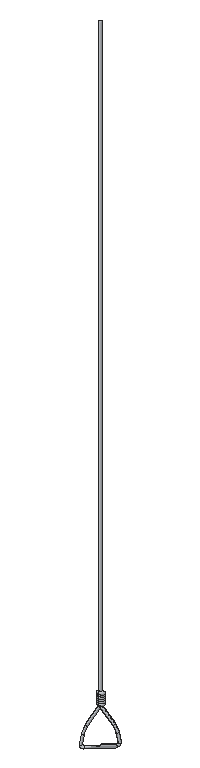
Revit family "Wire-HunterDouglas-Torsion_Spring", category Specialty Equipment, Revit 2013
Parameters (values of type "Parametric")
  Wire = Metal - Aluminum Frame - HunterDouglas - Painted White
  URL = "http://www.hunterdouglascontract.com/ceilings/index.jsp"
  Subcategory = "Metal – Plank and Tile"  # constant formula
  Product Line = "Torsion Spring"  # constant formula
  Perforations = "http://www.hunterdouglascontract.com/ceilings/metalsystems/plank/spring/index.jsp?t=perfPage"
  Model = "Wire"  # constant formula
  Manufacturer = "Hunter Douglas Luxalon Metal Ceilings"  # constant formula
  HangerWire Length = 2' - 0"
  Description = "Wire"  # constant formula
  Color Finishes = "http://www.hunterdouglascontract.com/ceilings/metalsystems/plank/spring/index.jsp?t=colorPage"
  Assembly Code = "C3030200"
  95 CSI = "09510"  # constant formula
  04 CSI = "09 51 00"  # constant formula
Reference planes (in)
  plane 1 "Center (Front/Back)": y = 0
  plane 2: z = 0
  plane 3 "Center (Left/Right)": x = 0
  plane 4: x = -0.77248
  plane 5: x = 0.77248
  plane 6: z = 2.4375
  plane 7: z = 2.5
  plane 8: z = 24
  plane 9: z = 24.21875
Dimensions and locks (in)
  equal spacing: plane 4, plane 3 "Center (Left/Right)", plane 5
  plane 4 to plane 5 = 0' - 1.54495"
  locked: plane 6 to plane 7 at 0.0625
  locked: plane 6 to level at 2.4375
  "HangerWire Length": plane 8 to level
  locked: plane 9 to plane 8 at 0.21875
  aligned and locked: level to plane 2
  aligned and locked: plane 1 "Center (Front/Back)" to nested 1
  aligned and locked: plane 3 "Center (Left/Right)" to nested 1
  aligned and locked: plane 6 to nested 1
Nested families (in)
  nested 1: "Wire" at (0, 0, 0), type "Parametric"
Definition of nested family "Wire"
  Parameters (values of type "Parametric")
    URL = "http://www.hunterdouglascontract.com/ceilings/index.jsp"
    Subcategory = "Metal – Linear"  # constant formula
    Product Line = "Torsion Spring"  # constant formula
    Model = "Wire"  # constant formula
    Material = Metal - Aluminum Frame - HunterDouglas - Painted White
    Manufacturer = "Hunter Douglas Luxalon Metal Ceilings"  # constant formula
    HangerWire Length = 2' - 0"
    Description = "Wire"  # constant formula
    Assembly Code = "C3030200"
    95 CSI = "09510"  # constant formula
    04 CSI = "09 51 00"  # constant formula
  Reference planes (in)
    plane 1 "Center (Front/Back)": y = 0
    plane 2: z = 0
    plane 3 "Center (Left/Right)": x = 0
    plane 4: x = -0.77248
    plane 5: x = 0.77248
    plane 6: z = 2.4375
    plane 7: z = 2.5
    plane 8: z = 24
    plane 9: z = 24.21875
  Forms (in)
    Sweep 1, solid, material "Metal - Aluminum Frame - HunterDouglas - Painted White" <- "Material", detail levels fine
      path origin (0, 0, 0) x (0.707107, 0.707107, 0) y (0, 0, 1)
        loop
          line (0.03125, 24.21875) -> (0.03125, 3.70793) -> (0.38236, 3.14135)
          arc (0.38236, 3.14135) -> (0.44435, 3.01623) -> (0.48166, 2.88166) r 0.73777
          line (0.48166, 2.88166) -> (0.5376, 2.56649)
          arc (0.5376, 2.56649) -> (0.51364, 2.47677) -> (0.42949, 2.4375) r 0.1098
          line (0.42949, 2.4375) -> (-0.42976, 2.4375)
          arc (-0.42976, 2.4375) -> (-0.51374, 2.47669) -> (-0.53765, 2.56622) r 0.10957
          line (-0.53765, 2.56622) -> (-0.48246, 2.87715)
          arc (-0.48246, 2.87715) -> (-0.44395, 3.01607) -> (-0.37995, 3.14524) r 0.76163
          line (-0.37995, 3.14524) -> (-0.0384, 3.69638)
      profile origin (-0.0001, -0.0001, 2.4375) x (0, 0, -1) y (0.707107, -0.707107, 0)
        loop
          circle (-0.03125, 0) r 0.03125
    Revolve 2, solid, material "Metal - Aluminum Frame - HunterDouglas - Painted White" <- "Material", detail levels fine
      sketch origin (0.00705, -1.10535, 0.17393) x (0, 0.947216, -0.320596) y (0, 0.320596, 0.947216)
        loop
          line (-0.19925, 4.08974) -> (-0.26999, 4.08974)
          arc (-0.26999, 4.08974) -> (-0.30124, 4.05849) -> (-0.26999, 4.02724) r 0.03125
          line (-0.26999, 4.02724) -> (-0.19925, 4.02724) -> (-0.19925, 4.08974)
        axis (-0.19925, 4.02724) -> (-0.19925, 4.08974)
      angle from 0 to 360
    Revolve 3, solid, material "Metal - Aluminum Frame - HunterDouglas - Painted White" <- "Material", detail levels fine
      sketch origin (0.00705, -1.10535, 0.04197) x (0, 0.947216, -0.320596) y (0, 0.320596, 0.947216)
        loop
          line (-0.19925, 4.08974) -> (-0.26999, 4.08974)
          arc (-0.26999, 4.08974) -> (-0.30124, 4.05849) -> (-0.26999, 4.02724) r 0.03125
          line (-0.26999, 4.02724) -> (-0.19925, 4.02724) -> (-0.19925, 4.08974)
        axis (-0.19925, 4.02724) -> (-0.19925, 4.08974)
      angle from 0 to 360
    Revolve 4, solid, material "Metal - Aluminum Frame - HunterDouglas - Painted White" <- "Material", detail levels fine
      sketch origin (0.00705, -1.10535, 0.10916) x (0, 0.947216, -0.320596) y (0, 0.320596, 0.947216)
        loop
          line (-0.19925, 4.08974) -> (-0.26999, 4.08974)
          arc (-0.26999, 4.08974) -> (-0.30124, 4.05849) -> (-0.26999, 4.02724) r 0.03125
          line (-0.26999, 4.02724) -> (-0.19925, 4.02724) -> (-0.19925, 4.08974)
        axis (-0.19925, 4.02724) -> (-0.19925, 4.08974)
      angle from 0 to 360
    Revolve 5, solid, material "Metal - Aluminum Frame - HunterDouglas - Painted White" <- "Material", detail levels fine
      sketch origin (0.00705, -1.10535, -0.02357) x (0, 0.947216, -0.320596) y (0, 0.320596, 0.947216)
        loop
          line (-0.19925, 4.08974) -> (-0.26999, 4.08974)
          arc (-0.26999, 4.08974) -> (-0.30124, 4.05849) -> (-0.26999, 4.02724) r 0.03125
          line (-0.26999, 4.02724) -> (-0.19925, 4.02724) -> (-0.19925, 4.08974)
        axis (-0.19925, 4.02724) -> (-0.19925, 4.08974)
      angle from 0 to 360
    Revolve 6, solid, material "Metal - Aluminum Frame - HunterDouglas - Painted White" <- "Material", detail levels fine
      sketch origin (0.00705, -1.10535, -0.08912) x (0, 0.947216, -0.320596) y (0, 0.320596, 0.947216)
        loop
          line (-0.19925, 4.08974) -> (-0.26999, 4.08974)
          arc (-0.26999, 4.08974) -> (-0.30124, 4.05849) -> (-0.26999, 4.02724) r 0.03125
          line (-0.26999, 4.02724) -> (-0.19925, 4.02724) -> (-0.19925, 4.08974)
        axis (-0.19925, 4.02724) -> (-0.19925, 4.08974)
      angle from 0 to 360
    Revolve 7, solid, material "Metal - Aluminum Frame - HunterDouglas - Painted White" <- "Material", detail levels fine
      sketch origin (0.00705, -1.10535, -0.15857) x (0, 0.947216, -0.320596) y (0, 0.320596, 0.947216)
        loop
          line (-0.19925, 4.08974) -> (-0.26999, 4.08974)
          arc (-0.26999, 4.08974) -> (-0.30124, 4.05849) -> (-0.26999, 4.02724) r 0.03125
          line (-0.26999, 4.02724) -> (-0.19925, 4.02724) -> (-0.19925, 4.08974)
        axis (-0.19925, 4.02724) -> (-0.19925, 4.08974)
      angle from 0 to 360
  Lines and regions (in)
    model lines, style "Wire", detail levels coarse+medium
      curve 1: line (0, 0, 24) -> (0, 0, 2.5)
    symbolic lines, style "Wire", detail levels fine
      curve 2: line (-0.38204, -0.33784, 0) -> (-0.08282, -0.03863, 0)
      curve 3: line (0.38204, 0.33784, 0) -> (0.09664, 0.05243, 0)
      curve 4: arc (0.33784, 0.38204, 0) -> (0.38204, 0.38204, 0) -> (0.38204, 0.33784, 0) r 0.03125
      curve 5: arc (-0.38204, -0.33784, 0) -> (-0.38204, -0.38204, 0) -> (-0.33784, -0.38204, 0) r 0.03125
      curve 6: circle (0.00691, 0.00691, 0) r 0.10062 normal (0, 0, 1)
      curve 7: circle (0, 0, 0) r 0.03125 normal (0, 0, 1)
      curve 8: line (0.05244, 0.09663, 0) -> (0.33784, 0.38204, 0)
      curve 9: line (-0.03862, -0.08282, 0) -> (-0.33784, -0.38204, 0)
      curve 14: line (-0.03122, 0, 24.21875) -> (0.03122, 0, 24.21875)
      curve 15: line (0.03122, 0, 24.21875) -> (0.03122, 0, 4.1081)
      curve 16: line (-0.02999, 0, 3.69117) -> (-0.27048, 0, 3.16052)
      curve 17: line (-0.39791, 0, 2.57083) -> (-0.33782, 0, 2.89346)
      curve 18: arc (-0.33782, 0, 2.89346) -> (-0.3161, 0, 3.03) -> (-0.27048, 0, 3.16052) r 0.77561
      curve 19: arc (-0.39791, 0, 2.57083) -> (-0.37867, 0, 2.48393) -> (-0.30275, 0, 2.4375) r 0.11373
      curve 20: line (0.08629, 0, 3.61911) -> (-0.02999, 0, 3.69117)
      curve 21: spline (-0.03122, 0, 3.69014) -> (-0.02944, 0, 3.69066) -> (-0.02594, 0, 3.69166) -> (-0.02092, 0, 3.6931) -> (-0.01467, 0, 3.69489) -> (-0.00756, 0, 3.69692) -> (0, 0, 3.69907) -> (0.00755, 0, 3.70122) -> (0.01466, 0, 3.70324) -> (0.02091, 0, 3.70501) -> (0.02594, 0, 3.70643) -> (0.02944, 0, 3.70742) -> (0.03122, 0, 3.70792)
      curve 22: line (0.00884, 0, 3.62544) -> (-0.21356, 0, 3.13472)
      curve 23: arc (-0.2757, 0, 2.88565) -> (-0.25593, 0, 3.013) -> (-0.21356, 0, 3.13472) r 0.71311
      curve 24: line (-0.33647, 0, 2.55939) -> (-0.2757, 0, 2.88565)
      curve 25: arc (-0.33647, 0, 2.55939) -> (-0.3278, 0, 2.52024) -> (-0.2936, 0, 2.49933) r 0.05123
      curve 26: line (0.03122, 0, 24.21875) -> (-0.03122, 0, 24.21875)
      curve 27: line (-0.03122, 0, 24.21875) -> (-0.03122, 0, 4.1296)
      curve 28: line (-0.2936, 0, 2.49933) -> (0, 0, 2.49933)
      curve 29: line (0, 0, 2.4375) -> (-0.30275, 0, 2.4375)
      curve 30: line (-0.03122, 0, 3.73252) -> (-0.03122, 0, 3.68845)
      curve 31: line (0.03122, 0, 3.68845) -> (0.27048, 0, 3.16052)
      curve 32: line (0.39791, 0, 2.57083) -> (0.33782, 0, 2.89346)
      curve 33: arc (0.33782, 0, 2.89346) -> (0.3161, 0, 3.03) -> (0.27048, 0, 3.16052) r 0.77561
      curve 34: arc (0.39791, 0, 2.57083) -> (0.37867, 0, 2.48393) -> (0.30275, 0, 2.4375) r 0.11373
      curve 35: spline (0.03122, 0, 3.69014) -> (0.02944, 0, 3.69066) -> (0.02594, 0, 3.69166) -> (0.02092, 0, 3.6931) -> (0.01467, 0, 3.69489) -> (0.00756, 0, 3.69692) -> (0, 0, 3.69907) -> (-0.00755, 0, 3.70122) -> (-0.01466, 0, 3.70324) -> (-0.02091, 0, 3.70501) -> (-0.02594, 0, 3.70643) -> (-0.02944, 0, 3.70742) -> (-0.03122, 0, 3.70792)
      curve 36: line (-0.00884, 0, 3.62544) -> (0.21356, 0, 3.13472)
      curve 37: arc (0.2757, 0, 2.88565) -> (0.25593, 0, 3.013) -> (0.21356, 0, 3.13472) r 0.71311
      curve 38: line (0.33647, 0, 2.55939) -> (0.2757, 0, 2.88565)
      curve 39: arc (0.33647, 0, 2.55939) -> (0.3278, 0, 2.52024) -> (0.2936, 0, 2.49933) r 0.05123
      curve 40: line (0.2936, 0, 2.49933) -> (0, 0, 2.49933)
      curve 41: line (0, 0, 2.4375) -> (0.30275, 0, 2.4375)
      curve 42: line (0.03122, 0, 3.73252) -> (0.03122, 0, 3.68845)
      curve 43: line (0, 0.03122, 3.68845) -> (0, 0.27048, 3.16052)
      curve 44: line (0, 0.39791, 2.57083) -> (0, 0.33782, 2.89346)
      curve 45: arc (0, 0.33782, 2.89346) -> (0, 0.3161, 3.03) -> (0, 0.27048, 3.16052) r 0.77561
      curve 46: arc (0, 0.39791, 2.57083) -> (0, 0.37867, 2.48393) -> (0, 0.30275, 2.4375) r 0.11373
      curve 47: line (0, -0.00884, 3.62544) -> (0, 0.21356, 3.13472)
      curve 48: arc (0, 0.2757, 2.88565) -> (0, 0.25593, 3.013) -> (0, 0.21356, 3.13472) r 0.71311
      curve 49: line (0, 0.33647, 2.55939) -> (0, 0.2757, 2.88565)
      curve 50: arc (0, 0.33647, 2.55939) -> (0, 0.3278, 2.52024) -> (0, 0.2936, 2.49933) r 0.05123
      curve 51: line (0, 0.2936, 2.49933) -> (0, 0, 2.49933)
      curve 52: line (0, 0, 2.4375) -> (0, 0.30275, 2.4375)
      curve 53: line (0, -0.03122, 3.68845) -> (0, -0.27048, 3.16052)
      curve 54: line (0, -0.39791, 2.57083) -> (0, -0.33782, 2.89346)
      curve 55: arc (0, -0.33782, 2.89346) -> (0, -0.3161, 3.03) -> (0, -0.27048, 3.16052) r 0.77561
      curve 56: arc (0, -0.39791, 2.57083) -> (0, -0.37867, 2.48393) -> (0, -0.30275, 2.4375) r 0.11373
      curve 57: line (0, 0.00884, 3.62544) -> (0, -0.21356, 3.13472)
      curve 58: arc (0, -0.2757, 2.88565) -> (0, -0.25593, 3.013) -> (0, -0.21356, 3.13472) r 0.71311
      curve 59: line (0, -0.33647, 2.55939) -> (0, -0.2757, 2.88565)
      curve 60: arc (0, -0.33647, 2.55939) -> (0, -0.3278, 2.52024) -> (0, -0.2936, 2.49933) r 0.05123
      curve 61: line (0, -0.2936, 2.49933) -> (0, 0, 2.49933)
      curve 62: line (0, 0, 2.4375) -> (0, -0.30275, 2.4375)
      curve 63: line (0, -0.03122, 3.73252) -> (0, -0.03122, 3.68845)
      curve 64: line (0, -0.04684, 4.13498) -> (0, 0.08788, 4.08859)
      curve 65: line (0, -0.07537, 4.07858) -> (0, 0.06749, 4.02939)
      curve 66: arc (0, 0.08788, 4.08859) -> (0, 0.10729, 4.0488) -> (0, 0.06749, 4.02939) r 0.03131
      curve 67: arc (0, -0.04684, 4.13498) -> (0, -0.08569, 4.11922) -> (0, -0.07537, 4.07858) r 0.0319
      curve 68: arc (0, 0.08788, 4.02237) -> (0, 0.10784, 3.98437) -> (0, 0.0711, 3.96216) r 0.03131
      curve 69: arc (0, -0.04684, 4.06876) -> (0, -0.08551, 4.05335) -> (0, -0.07602, 4.01282) r 0.0319
      curve 70: line (0, -0.07602, 4.01282) -> (0, 0.0711, 3.96216)
      curve 71: arc (0, 0.08788, 3.95615) -> (0, 0.10784, 3.91815) -> (0, 0.0711, 3.89594) r 0.03131
      curve 72: arc (0, -0.04684, 4.00254) -> (0, -0.08551, 3.98713) -> (0, -0.07602, 3.9466) r 0.0319
      curve 73: line (0, -0.07602, 3.9466) -> (0, 0.0711, 3.89594)
      curve 74: arc (0, 0.08788, 3.88993) -> (0, 0.10784, 3.85193) -> (0, 0.0711, 3.82972) r 0.03131
      curve 75: arc (0, -0.04684, 3.93632) -> (0, -0.08551, 3.92091) -> (0, -0.07602, 3.88038) r 0.0319
      curve 76: line (0, -0.07602, 3.88038) -> (0, 0.0711, 3.82972)
      curve 77: arc (0, 0.08788, 3.82371) -> (0, 0.10784, 3.78571) -> (0, 0.0711, 3.7635) r 0.03131
      curve 78: arc (0, -0.04684, 3.8701) -> (0, -0.08551, 3.85469) -> (0, -0.07602, 3.81416) r 0.0319
      curve 79: line (0, -0.07602, 3.81416) -> (0, 0.0711, 3.7635)
      curve 80: arc (0, 0.08788, 3.75749) -> (0, 0.10784, 3.71949) -> (0, 0.0711, 3.69728) r 0.03131
      curve 81: arc (0, -0.04684, 3.80388) -> (0, -0.08551, 3.78847) -> (0, -0.07602, 3.74794) r 0.0319
      curve 82: line (0, -0.07602, 3.74794) -> (0, 0.0711, 3.69728)
      curve 83: line (0, -0.03122, 3.73252) -> (0, -0.03122, 3.68845)
      curve 84: spline (0, 0.03122, 3.69014) -> (0, 0.02944, 3.69066) -> (0, 0.02594, 3.69166) -> (0, 0.02092, 3.6931) -> (0, 0.01467, 3.69489) -> (0, 0.00756, 3.69692) -> (0, 0, 3.69907) -> (0, -0.00755, 3.70122) -> (0, -0.01466, 3.70324) -> (0, -0.02091, 3.70501) -> (0, -0.02594, 3.70643) -> (0, -0.02944, 3.70742) -> (0, -0.03122, 3.70792)
      curve 85: line (0, 0.03122, 3.71102) -> (0, 0.03122, 3.68845)
    symbolic lines, style "Wire"
      curve 10: line (0, 0.03125, 24.21875) -> (0, -0.03125, 24.21875)
      curve 11: line (0, -0.03125, 24.21875) -> (0, -0.03125, 4.05165)
      curve 12: arc (0, 0.03125, 4.05165) -> (0, 0, 4.04216) -> (0, -0.03125, 4.05165) r 0.05621
      curve 13: line (0, 0.03125, 4.05165) -> (0, 0.03125, 24.21875)
      curve 86: arc (-0.07801, 0, 3.78381) -> (-0.09482, 0, 3.81838) -> (-0.07483, 0, 3.85122) r 0.04011
      curve 87: arc (-0.07459, 0, 3.85136) -> (-0.03526, 0, 3.86711) -> (0.00686, 0, 3.87167) r 0.15569
      curve 88: arc (0.09173, 0, 3.78381) -> (0.10854, 0, 3.81838) -> (0.08855, 0, 3.85122) r 0.04011
      curve 89: arc (0.0883, 0, 3.85136) -> (0.04898, 0, 3.86711) -> (0.00686, 0, 3.87167) r 0.15569
      curve 90: arc (-0.07483, 0, 3.85122) -> (-0.09482, 0, 3.88413) -> (-0.07788, 0, 3.91872) r 0.04011
      curve 91: arc (-0.07459, 0, 3.92081) -> (-0.03526, 0, 3.93656) -> (0.00686, 0, 3.94112) r 0.15569
      curve 92: arc (0.08855, 0, 3.85122) -> (0.10858, 0, 3.88609) -> (0.0883, 0, 3.92081) r 0.04011
      curve 93: arc (0.0883, 0, 3.92081) -> (0.04898, 0, 3.93656) -> (0.00686, 0, 3.94112) r 0.15569
      curve 94: arc (-0.07788, 0, 3.91872) -> (-0.09482, 0, 3.95344) -> (-0.07459, 0, 3.98635) r 0.04011
      curve 95: arc (-0.07459, 0, 3.98635) -> (-0.03526, 0, 4.0021) -> (0.00686, 0, 4.00666) r 0.15569
      curve 96: arc (0.0916, 0, 3.91872) -> (0.10853, 0, 3.95344) -> (0.0883, 0, 3.98635) r 0.04011
      curve 97: arc (0.0883, 0, 3.98635) -> (0.04898, 0, 4.0021) -> (0.00686, 0, 4.00666) r 0.15569
      curve 98: arc (-0.07788, 0, 3.98426) -> (-0.09486, 0, 4.01703) -> (-0.07788, 0, 4.0498) r 0.04011
      curve 99: arc (-0.07459, 0, 4.05189) -> (-0.03526, 0, 4.06764) -> (0.00686, 0, 4.0722) r 0.15569
      curve 100: arc (0.0916, 0, 3.98426) -> (0.10858, 0, 4.01703) -> (0.0916, 0, 4.0498) r 0.04011
      curve 101: arc (0.0883, 0, 4.05189) -> (0.04898, 0, 4.06764) -> (0.00686, 0, 4.0722) r 0.15569
      curve 102: arc (-0.07788, 0, 4.0498) -> (-0.09482, 0, 4.08452) -> (-0.07459, 0, 4.11744) r 0.04011
      curve 103: arc (-0.07459, 0, 4.11744) -> (-0.03526, 0, 4.13318) -> (0.00686, 0, 4.13774) r 0.15569
      curve 104: arc (0.0916, 0, 4.0498) -> (0.10853, 0, 4.08452) -> (0.0883, 0, 4.11744) r 0.04011
      curve 105: arc (0.0883, 0, 4.11744) -> (0.04898, 0, 4.13318) -> (0.00686, 0, 4.13774) r 0.15569
      curve 106: arc (-0.07788, 0, 3.71818) -> (-0.09482, 0, 3.75291) -> (-0.07459, 0, 3.78582) r 0.04011
      curve 107: arc (-0.07801, 0, 3.78381) -> (-0.03718, 0, 3.80107) -> (0.00686, 0, 3.80613) r 0.15569
      curve 108: arc (0.0916, 0, 3.71818) -> (0.10853, 0, 3.75291) -> (0.0883, 0, 3.78582) r 0.04011
      curve 109: arc (0.09173, 0, 3.78381) -> (0.0509, 0, 3.80107) -> (0.00686, 0, 3.80613) r 0.15569
      curve 110: arc (-0.07788, 0, 3.71818) -> (-0.05245, 0, 3.70483) -> (-0.02439, 0, 3.69871) r 0.10721
      curve 111: arc (0.0916, 0, 3.71818) -> (0.06617, 0, 3.70483) -> (0.03811, 0, 3.69871) r 0.10721
  Dimensions and locks (in)
    equal spacing: plane 4, plane 3 "Center (Left/Right)", plane 5
    plane 4 to plane 5 = 0' - 1.54495"
    locked: plane 6 to plane 7 at 0.0625
    locked: plane 6 to level at 2.4375
    "HangerWire Length": plane 8 to level
    locked: plane 9 to plane 8 at 0.21875
    aligned and locked: level to plane 2
    aligned and locked: Sweep 1 sketch curve to plane 6
    aligned and locked: curve 1 to plane 3 "Center (Left/Right)"
    aligned and locked: plane 7 to curve 1
    aligned and locked: plane 8 to curve 1
    aligned and locked: plane 9 to curve 26
    aligned and locked: plane 9 to Sweep 1 sketch curve
    aligned and locked: curve 10 to plane 9
  Automatic sketch dimensions
    curve 12 to plane 1 "Center (Front/Back)" = 0' - 0"
    plane 1 "Center (Front/Back)" to curve 11 = 0' - 0 1/32"
    curve 13 to plane 1 "Center (Front/Back)" = 0' - 0 1/32"
    curve 12 to curve 12 = 0' - 0.04672"
    curve 18 to curve 23 = 0' - 0"  (x2)
    curve 19 to curve 25 = 0' - 0"  (x2)
    curve 33 to curve 37 = 0' - 0"  (x2)
    curve 34 to curve 39 = 0' - 0"  (x2)
    curve 19 to plane 6 = 0' - 0"
    curve 41 to plane 3 "Center (Left/Right)" = 0' - 0"
    curve 40 to plane 3 "Center (Left/Right)" = 0' - 0"
    curve 35 to plane 3 "Center (Left/Right)" = 0' - 0"
    curve 36 to plane 3 "Center (Left/Right)" = 0' - 0.00884"
    curve 16 to plane 3 "Center (Left/Right)" = 0' - 0.02999"
    curve 14 to plane 3 "Center (Left/Right)" = 0' - 0.03122"
    curve 35 to curve 16 = 0' - 0.00123"
    curve 21 to curve 21 = 0' - 0.00021"
    curve 22 to plane 3 "Center (Left/Right)" = 0' - 0.21356"
    curve 18 to curve 23 = 0' - 0.05693"
    curve 23 to curve 22 = 0' - 0.06215"
    plane 7 to curve 19 = 0' - 0.05001"
    curve 19 to plane 3 "Center (Left/Right)" = 0' - 0.2861"
    curve 25 to plane 7 = 0' - 0.00067"
    curve 25 to curve 19 = 0' - 0.0075"
    curve 29 to curve 28 = 0' - 0.00915"
    curve 25 to curve 19 = 0' - 0.05037"
    curve 17 to curve 23 = 0' - 0.06212"
    plane 7 to curve 17 = 0' - 0.07083"
    curve 37 to curve 17 = 0' - 0.09814"
    plane 3 "Center (Left/Right)" to curve 21 = 0' - 0"
    plane 3 "Center (Left/Right)" to curve 22 = 0' - 0.00884"
    plane 3 "Center (Left/Right)" to curve 42 = 0' - 0.03122"
    plane 3 "Center (Left/Right)" to curve 14 = 0' - 0.03122"
    curve 35 to curve 31 = 0' - 0"
    curve 35 to curve 35 = 0' - 0.00021"
    curve 22 to curve 20 = 0' - 0.07745"
    plane 3 "Center (Left/Right)" to curve 37 = 0' - 0.21356"
    curve 36 to curve 31 = 0' - 0.05693"
    curve 37 to curve 38 = 0' - 0.06215"
    plane 7 to curve 39 = 0' - 0.05001"
    plane 3 "Center (Left/Right)" to curve 39 = 0' - 0.2861"
    curve 34 to curve 40 = 0' - 0.0075"
    curve 39 to curve 34 = 0' - 0.00915"
    curve 34 to curve 39 = 0' - 0.05037"
    curve 38 to curve 33 = 0' - 0.06212"
    curve 38 to curve 34 = 0' - 0.06144"
    curve 33 to curve 23 = 0' - 0.09814"
    curve 19 to curve 33 = 0' - 0 69/256"
    curve 34 to curve 18 = 0' - 0 69/256"
    curve 33 to curve 23 = 0' - 0.04529"
    curve 18 to curve 37 = 0' - 0.04529"
    curve 38 to curve 32 = 0' - 0 1/128"
    curve 23 to curve 18 = 0' - 0 1/128"
    curve 33 to curve 20 = 0' - 0.4586"
    curve 20 to curve 36 = 0' - 0.00633"
    curve 22 to curve 36 = 0' - 0"
    curve 36 to curve 30 = 0' - 0.06301"
    curve 42 to curve 16 = 0' - 0.00272"
    curve 31 to curve 35 = 0' - 0.00163"
    curve 30 to curve 21 = 0' - 0.00163"
    curve 35 to curve 35 = 0' - 0.00006"
    curve 21 to curve 21 = 0' - 0.00006"
    curve 35 to curve 30 = 0' - 0.0246"
    curve 21 to curve 42 = 0' - 0.0246"
    curve 42 to curve 15 = 0' - 0.37558"
    curve 15 to curve 27 = 0' - 0.0215"
    plane 1 "Center (Front/Back)" to curve 7 = 0' - 0"
    curve 7 to plane 3 "Center (Left/Right)" = 0' - 0"
    curve 9 to plane 3 "Center (Left/Right)" = 0' - 0.03862"
    plane 1 "Center (Front/Back)" to curve 2 = 0' - 0.03863"
    curve 2 to curve 9 = 0' - 0.0442"
    curve 5 to plane 3 "Center (Left/Right)" = 0' - 0.33784"
    curve 5 to curve 9 = 0' - 0.0221"
    curve 5 to curve 5 = 0' - 0.0221"
    plane 3 "Center (Left/Right)" to curve 6 = 0' - 0.00691"
    plane 3 "Center (Left/Right)" to curve 8 = 0' - 0.05244"
    curve 8 to curve 3 = 0' - 0.0442"
    plane 3 "Center (Left/Right)" to curve 4 = 0' - 0.33784"
    curve 4 to curve 4 = 0' - 0.0221"
    curve 4 to curve 3 = 0' - 0.0221"
    curve 9 to curve 2 = 0' - 0.0442"
    plane 1 "Center (Front/Back)" to curve 2 = 0' - 0.33784"
    curve 5 to curve 2 = 0' - 0.0221"
    curve 4 to plane 1 "Center (Front/Back)" = 0' - 0.33784"
    curve 3 to curve 4 = 0' - 0.0221"
    plane 7 to Sweep 1 sketch curve = 0' - 0.06622"
    plane 7 to Sweep 1 sketch curve = 0' - 0.37715"
    Sweep 1 sketch curve to Sweep 1 sketch curve = 0' - 0.05519"
    Sweep 1 sketch curve to Sweep 1 sketch curve = 0' - 0.10788"
    Sweep 1 sketch curve to Sweep 1 sketch curve = 0' - 0.10251"
    Sweep 1 sketch curve to Sweep 1 sketch curve = 0' - 0.2377"
    plane 7 to Sweep 1 sketch curve = 0' - 1.19638"
    Sweep 1 sketch curve to Sweep 1 sketch curve = 0' - 0.34154"
    Sweep 1 sketch curve to Sweep 1 sketch curve = 0' - 0.06965"
    plane 7 to Sweep 1 sketch curve = 0' - 0.24405"
    Sweep 1 sketch curve to Sweep 1 sketch curve = 0' - 0.51221"
    Sweep 1 sketch curve to Sweep 1 sketch curve = 0' - 0.1149"
    Sweep 1 sketch curve to Sweep 1 sketch curve = 0' - 0.16204"
    Sweep 1 sketch curve to Sweep 1 sketch curve = 0' - 0.21421"
    plane 7 to Sweep 1 sketch curve = 0' - 0.06649"
    Sweep 1 sketch curve to Sweep 1 sketch curve = 0' - 0.10811"
    plane 7 to Sweep 1 sketch curve = 0' - 0.25273"
    Sweep 1 sketch curve to Sweep 1 sketch curve = 0' - 0.13761"
    Sweep 1 sketch curve to Sweep 1 sketch curve = 0' - 0.01154"
    Sweep 1 sketch curve to profile plane = 0' - 0"
    profile plane to Sweep 1 sketch curve = 0' - 0 1/32"
    plane 1 "Center (Front/Back)" to Revolve 2 sketch curve = 0' - 0.06997"
    plane 7 to Revolve 2 sketch curve = 0' - 1.57516"
    Revolve 2 sketch curve to Revolve 2 sketch curve = 0' - 0.07074"
    Revolve 2 sketch curve to Revolve 2 sketch curve = 0' - 0"  (x2)
    Revolve 2 sketch curve to Revolve 2 sketch curve = 0' - 0 1/32"
    Revolve 2 sketch curve to Revolve 2 sketch curve = 0' - 0.02781"
    plane 1 "Center (Front/Back)" to Revolve 3 sketch curve = 0' - 0.06997"
    plane 7 to Revolve 3 sketch curve = 0' - 1.44319"
    Revolve 3 sketch curve to Revolve 3 sketch curve = 0' - 0.07074"
    Revolve 3 sketch curve to Revolve 3 sketch curve = 0' - 0"  (x2)
    Revolve 3 sketch curve to Revolve 3 sketch curve = 0' - 0 1/32"
    Revolve 3 sketch curve to Revolve 3 sketch curve = 0' - 0.02781"
    curve 45 to curve 48 = 0' - 0"  (x2)
    curve 46 to curve 50 = 0' - 0"  (x2)
    curve 55 to curve 58 = 0' - 0"  (x2)
    curve 56 to curve 60 = 0' - 0"  (x2)
    plane 6 to curve 46 = 0' - 0"
    curve 61 to plane 1 "Center (Front/Back)" = 0' - 0"
    curve 52 to plane 1 "Center (Front/Back)" = 0' - 0"
    curve 57 to plane 1 "Center (Front/Back)" = 0' - 0.00884"
    curve 85 to plane 1 "Center (Front/Back)" = 0' - 0.03122"
    curve 84 to curve 43 = 0' - 0"
    curve 84 to curve 84 = 0' - 0.00021"
    curve 65 to plane 1 "Center (Front/Back)" = 0' - 0.06749"
    curve 73 to plane 1 "Center (Front/Back)" = 0' - 0.0711"
    curve 68 to curve 71 = 0' - 0"
    curve 79 to curve 85 = 0' - 0.03988"
    curve 82 to curve 84 = 0' - 0.03967"
    curve 76 to curve 73 = 0' - 0"
    curve 74 to curve 74 = 0' - 0.00658"
    curve 68 to curve 68 = 0' - 0.00658"
    curve 77 to curve 79 = 0' - 0.00658"
    curve 80 to curve 80 = 0' - 0.00658"
    curve 71 to curve 73 = 0' - 0.00658"
    curve 66 to curve 66 = 0' - 0.01019"
    curve 80 to curve 79 = 0' - 0.01678"
    curve 77 to curve 76 = 0' - 0.01678"
    curve 64 to curve 66 = 0' - 0.01019"
    curve 71 to curve 70 = 0' - 0.01678"
    curve 68 to curve 66 = 0' - 0.02038"
    curve 74 to curve 73 = 0' - 0.01678"
    curve 48 to plane 1 "Center (Front/Back)" = 0' - 0.21356"
    curve 45 to curve 47 = 0' - 0.05693"
    curve 48 to curve 48 = 0' - 0.06215"
    plane 7 to curve 46 = 0' - 0.05001"
    curve 46 to plane 1 "Center (Front/Back)" = 0' - 0.2861"
    curve 50 to plane 7 = 0' - 0.00067"
    curve 50 to curve 46 = 0' - 0.0075"
    curve 52 to curve 50 = 0' - 0.00915"
    plane 7 to curve 49 = 0' - 0.05939"
    curve 44 to curve 48 = 0' - 0.06212"
    curve 46 to curve 49 = 0' - 0.06144"
    curve 55 to curve 45 = 0' - 0.09814"
    plane 1 "Center (Front/Back)" to curve 84 = 0' - 0"
    plane 1 "Center (Front/Back)" to curve 47 = 0' - 0.00884"
    plane 1 "Center (Front/Back)" to curve 83 = 0' - 0.03122"
    plane 1 "Center (Front/Back)" to curve 64 = 0' - 0.04684"
    plane 1 "Center (Front/Back)" to curve 69 = 0' - 0.04684"
    plane 1 "Center (Front/Back)" to curve 72 = 0' - 0.04684"
    plane 1 "Center (Front/Back)" to curve 81 = 0' - 0.04684"
    plane 1 "Center (Front/Back)" to curve 78 = 0' - 0.04684"
    plane 1 "Center (Front/Back)" to curve 75 = 0' - 0.04684"
    curve 72 to curve 72 = 0' - 0.01039"
    curve 67 to curve 67 = 0' - 0.01039"
    curve 81 to curve 81 = 0' - 0.01039"
    curve 69 to curve 69 = 0' - 0.01039"
    curve 78 to curve 78 = 0' - 0.01039"
    curve 75 to curve 75 = 0' - 0.01039"
    curve 69 to curve 67 = 0' - 0.02853"
    curve 75 to curve 73 = 0' - 0.02918"
    curve 72 to curve 69 = 0' - 0.02918"
    curve 81 to curve 81 = 0' - 0.01879"
    curve 78 to curve 75 = 0' - 0.02918"
    curve 81 to curve 79 = 0' - 0.02918"
    plane 1 "Center (Front/Back)" to curve 57 = 0' - 0.21356"
    curve 57 to curve 55 = 0' - 0.05693"
    curve 58 to curve 58 = 0' - 0.06215"
    plane 7 to curve 60 = 0' - 0.05001"
    plane 1 "Center (Front/Back)" to curve 60 = 0' - 0.2861"
    curve 56 to curve 60 = 0' - 0.0075"
    curve 60 to curve 62 = 0' - 0.00915"
    curve 56 to curve 60 = 0' - 0.05037"
    curve 58 to curve 55 = 0' - 0.06212"
    plane 7 to curve 54 = 0' - 0.07083"
    curve 54 to curve 45 = 0' - 0.09814"
    curve 56 to curve 45 = 0' - 0 69/256"
    curve 44 to curve 55 = 0' - 0 69/256"
    curve 45 to curve 59 = 0' - 0.04529"
    curve 55 to curve 49 = 0' - 0.04529"
    curve 58 to curve 54 = 0' - 0 1/128"
    curve 48 to curve 44 = 0' - 0 1/128"
    curve 57 to curve 47 = 0' - 0.49072"
    curve 57 to curve 47 = 0' - 0"
    curve 47 to curve 53 = 0' - 0.06301"
    curve 43 to curve 53 = 0' - 0"
    curve 43 to curve 84 = 0' - 0.00163"
    curve 84 to curve 84 = 0' - 0.00006"
    curve 84 to curve 80 = 0' - 0.00721"
    curve 84 to curve 85 = 0' - 0.02087"
    curve 80 to curve 80 = 0' - 0.03061"
    curve 80 to curve 79 = 0' - 0.00601"
    curve 81 to curve 81 = 0' - 0.02577"
    curve 79 to curve 77 = 0' - 0.03061"
    curve 81 to curve 79 = 0' - 0.01028"
    curve 77 to curve 74 = 0' - 0.00601"
    curve 78 to curve 78 = 0' - 0.02577"
    curve 74 to curve 74 = 0' - 0.03061"
    curve 78 to curve 75 = 0' - 0.01028"
    curve 74 to curve 73 = 0' - 0.00601"
    curve 75 to curve 75 = 0' - 0.02577"
    curve 73 to curve 71 = 0' - 0.03061"
    curve 75 to curve 72 = 0' - 0.01028"
    curve 71 to curve 68 = 0' - 0.00601"
    curve 72 to curve 72 = 0' - 0.02577"
    curve 68 to curve 68 = 0' - 0.03061"
    curve 72 to curve 69 = 0' - 0.01028"
    curve 68 to curve 66 = 0' - 0.00702"
    curve 70 to curve 69 = 0' - 0.02577"
    curve 66 to curve 66 = 0' - 0.0296"
    curve 65 to curve 67 = 0' - 0.02623"
    curve 86 to plane 3 "Center (Left/Right)" = 0' - 0.07801"
    curve 94 to plane 3 "Center (Left/Right)" = 0' - 0.07788"
    curve 98 to curve 94 = 0' - 0"
    curve 98 to curve 98 = 0' - 0"
    curve 107 to curve 110 = 0' - 0.00013"
    curve 86 to curve 90 = 0' - 0.00318"
    curve 102 to curve 99 = 0' - 0.0033"
    curve 98 to curve 95 = 0' - 0.0033"
    curve 90 to curve 87 = 0' - 0.00025"
    curve 86 to curve 106 = 0' - 0.00342"
    curve 94 to curve 91 = 0' - 0.0033"
    curve 94 to curve 95 = 0' - 0"
    curve 102 to curve 99 = 0' - 0"
    curve 103 to curve 102 = 0' - 0"
    curve 110 to curve 106 = 0' - 0.02313"
    curve 106 to curve 86 = 0' - 0.01984"
    curve 99 to curve 102 = 0' - 0.01984"
    curve 87 to curve 90 = 0' - 0.01984"
    curve 91 to curve 94 = 0' - 0.01984"
    curve 95 to curve 98 = 0' - 0.01984"
    curve 110 to plane 3 "Center (Left/Right)" = 0' - 0.02439"
    curve 110 to plane 3 "Center (Left/Right)" = 0' - 0.01579"
    plane 3 "Center (Left/Right)" to curve 107 = 0' - 0.00241"
    plane 3 "Center (Left/Right)" to curve 99 = 0' - 0.00241"
    plane 3 "Center (Left/Right)" to curve 91 = 0' - 0.00241"
    plane 3 "Center (Left/Right)" to curve 87 = 0' - 0.00241"
    plane 3 "Center (Left/Right)" to curve 103 = 0' - 0.00241"
    plane 3 "Center (Left/Right)" to curve 95 = 0' - 0.00241"
    plane 3 "Center (Left/Right)" to curve 103 = 0' - 0.00686"
    plane 3 "Center (Left/Right)" to curve 101 = 0' - 0.00686"
    plane 3 "Center (Left/Right)" to curve 97 = 0' - 0.00686"
    plane 3 "Center (Left/Right)" to curve 87 = 0' - 0.00686"
    plane 3 "Center (Left/Right)" to curve 109 = 0' - 0.00686"
    plane 3 "Center (Left/Right)" to curve 91 = 0' - 0.00686"
    curve 107 to curve 109 = 0' - 0.00891"
    curve 103 to curve 105 = 0' - 0.00891"
    curve 99 to curve 101 = 0' - 0.00891"
    curve 87 to curve 89 = 0' - 0.00891"
    curve 91 to curve 93 = 0' - 0.00891"
    curve 95 to curve 97 = 0' - 0.00891"
    curve 107 to curve 111 = 0' - 0.02264"
    curve 89 to curve 111 = 0' - 0.0268"
    curve 87 to curve 92 = 0' - 0.06161"
    curve 99 to curve 104 = 0' - 0.06161"
    curve 111 to curve 88 = 0' - 0.03896"
    curve 91 to curve 96 = 0' - 0.06161"
    curve 111 to curve 108 = 0' - 0.03036"
    curve 97 to curve 100 = 0' - 0.06161"
    curve 96 to curve 93 = 0' - 0.01984"
    curve 104 to curve 101 = 0' - 0.01984"
    curve 100 to curve 97 = 0' - 0.01984"
    curve 92 to curve 89 = 0' - 0.01984"
    curve 96 to curve 97 = 0' - 0"
    curve 104 to curve 104 = 0' - 0.01984"
    curve 105 to curve 104 = 0' - 0"
    curve 92 to curve 93 = 0' - 0"
    curve 88 to curve 108 = 0' - 0.01984"
    curve 89 to curve 88 = 0' - 0.00025"
    curve 108 to curve 111 = 0' - 0.02313"
    curve 92 to curve 96 = 0' - 0.0033"
    curve 101 to curve 100 = 0' - 0.0033"
    curve 96 to curve 100 = 0' - 0.0033"
    curve 108 to curve 109 = 0' - 0.00342"
    plane 7 to curve 107 = 0' - 1.1505"
    curve 109 to curve 107 = 0' - 0"
    curve 107 to curve 110 = 0' - 0.04821"
    curve 109 to curve 111 = 0' - 0.04821"
    curve 111 to curve 89 = 0' - 0.01733"
    curve 87 to curve 89 = 0' - 0"
    curve 111 to curve 108 = 0' - 0.01947"
    curve 110 to curve 110 = 0' - 0.01947"
    curve 111 to curve 108 = 0' - 0.03277"
    curve 110 to curve 106 = 0' - 0.03277"
    curve 109 to curve 108 = 0' - 0.00201"
    curve 93 to curve 107 = 0' - 0.02063"
    curve 91 to curve 93 = 0' - 0"
    curve 108 to curve 88 = 0' - 0.03068"
    curve 106 to curve 86 = 0' - 0.03068"
    curve 109 to curve 95 = 0' - 0.04491"
    curve 97 to curve 95 = 0' - 0"
    curve 90 to curve 87 = 0' - 0.00014"
    curve 87 to curve 90 = 0' - 0.03458"
    curve 101 to curve 91 = 0' - 0.02454"
    curve 99 to curve 101 = 0' - 0"
    curve 103 to curve 95 = 0' - 0.02454"
    curve 105 to curve 103 = 0' - 0"
    curve 100 to curve 96 = 0' - 0.00209"
    curve 98 to curve 95 = 0' - 0.00209"
    curve 97 to curve 100 = 0' - 0.03068"
    curve 100 to curve 101 = 0' - 0.00209"
    plane 1 "Center (Front/Back)" to Revolve 4 sketch curve = 0' - 0.06997"
    plane 7 to Revolve 4 sketch curve = 0' - 1.51039"
    Revolve 4 sketch curve to Revolve 4 sketch curve = 0' - 0.07074"
    Revolve 4 sketch curve to Revolve 4 sketch curve = 0' - 0"  (x2)
    Revolve 4 sketch curve to Revolve 4 sketch curve = 0' - 0 1/32"
    Revolve 4 sketch curve to Revolve 4 sketch curve = 0' - 0.02781"
    plane 1 "Center (Front/Back)" to Revolve 5 sketch curve = 0' - 0.06997"
    plane 7 to Revolve 5 sketch curve = 0' - 1.37765"
    Revolve 5 sketch curve to Revolve 5 sketch curve = 0' - 0.07074"
    Revolve 5 sketch curve to Revolve 5 sketch curve = 0' - 0"  (x2)
    Revolve 5 sketch curve to Revolve 5 sketch curve = 0' - 0 1/32"
    Revolve 5 sketch curve to Revolve 5 sketch curve = 0' - 0.02781"
    plane 1 "Center (Front/Back)" to Revolve 6 sketch curve = 0' - 0.06997"
    plane 7 to Revolve 6 sketch curve = 0' - 1.31211"
    Revolve 6 sketch curve to Revolve 6 sketch curve = 0' - 0.07074"
    Revolve 6 sketch curve to Revolve 6 sketch curve = 0' - 0"  (x2)
    Revolve 6 sketch curve to Revolve 6 sketch curve = 0' - 0 1/32"
    Revolve 6 sketch curve to Revolve 6 sketch curve = 0' - 0.02781"
    plane 1 "Center (Front/Back)" to Revolve 7 sketch curve = 0' - 0.06997"
    plane 7 to Revolve 7 sketch curve = 0' - 1.24266"
    Revolve 7 sketch curve to Revolve 7 sketch curve = 0' - 0.07074"
    Revolve 7 sketch curve to Revolve 7 sketch curve = 0' - 0"  (x2)
    Revolve 7 sketch curve to Revolve 7 sketch curve = 0' - 0 1/32"
    Revolve 7 sketch curve to Revolve 7 sketch curve = 0' - 0.02781"
    plane 7 to curve 12 = 0' - 1.59837"
    radius of curve 7 = 0' - 0 1/32"
    radius of Sweep 1 sketch curve = 0' - 0 1/32"
